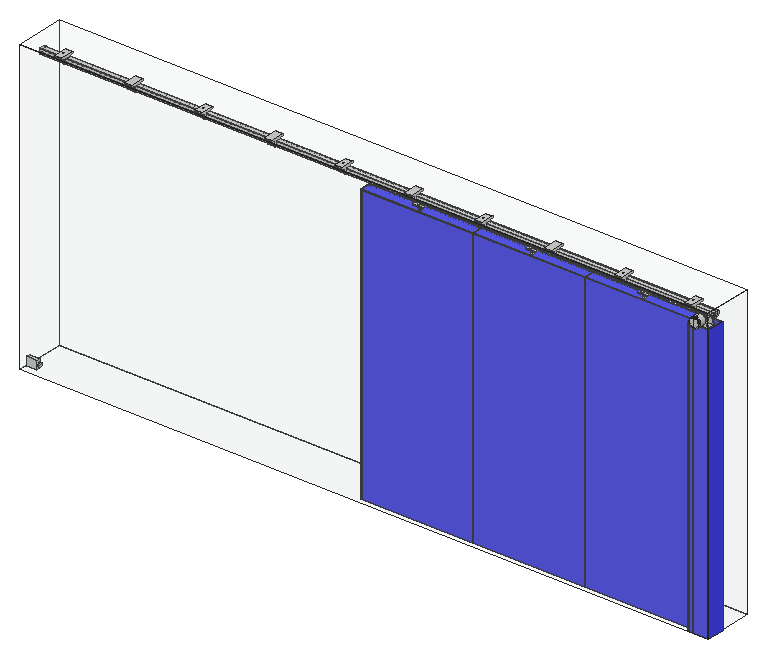
Revit family "Somati-System_SGS_Horizontal-fire-sliding-door_9040_ceiling_EI120_W-to-H-less-or-equal-1,3", category Doors, host Wall, Revit 2018
Family settings
  Host = Wall
  OmniClass Number = 23.30.10.00
  OmniClass Title = Doors
  Always vertical = Yes
  Cut with Voids When Loaded = No
  Shared = No
  Room Calculation Point = No
Parameters (values of type "EI 120")
  Youtube clip = "https://www.youtube.com/watch?v=pRjbxBvixFY&feature=emb_logo"
  Wing top offset [instance] = 133 mm  # constant formula
  Wing thickness = 81.2 mm
  Wing access (D) [instance] = [Width (W)] + 200 mm  # 3200 mm
  Width (W) [instance] = 3000 mm
  Weight Net (Kg) = "0"
  Uniformat II Description = ""
  Uniformat II Code = ""
  Uniclass 2015 Name = ""
  Uniclass 2015 Code = ""
  Uniclass 2.0 Description = ""
  Uniclass 2.0 Code = ""
  Uniclass 1.4 Description = ""
  Uniclass 1.4 Code = ""
  UNSPSC Code = ""
  Total height (Z) [instance] = Height Control + 270 mm  # 2770 mm
  Thickness = 0 mm
  Technical description = "https://somati-system.pl/en/download/sgs-download-en/"
  Region South America = "None"
  Region Oceania = "None"
  Region North America = "None"
  Region Middle East = "None"
  Region Europe = "AD, AL, AT, AX, BA, BE, BG, BY, CH, CY, CZ, DE, DK, EE, ES, FI, FO, FR, GB, GG, GI, GR, HR, HU, IE, IM, IS, IT, JE, LI, LT, LU, LV, MC, MD, ME, MK, MT, NL, NO, PL, PT, RO, RS, RU, SE, SI, SJ, SK, SM, UA, VA"
  Region Asia = "None"
  Region Antarctica = "None"
  Region Africa = "None"
  Rail and assembly materials [instance] = Somati - Stainless Steel - 7035
  QR code = "http://bimobject.com/somati-system/product/SGS_HORIZONTAL_FIRE_SLIDING_DOOR"
  Product url = "https://somati-system.pl/en/products/sgs-horizontal-fire-sliding-doors/"
  Product group = "SGS"
  Product family = "SGS"
  Product data url = "https://bimobject.com/somati-system/product/SGS_HORIZONTAL_FIRE_SLIDING_DOOR"
  Product certification = ""
  Product SKU = "SGS_HORIZONTAL_FIRE_SLIDING_DOOR"
  Product Guid = "8235eb12-0acf-4b60-9ca9-7613396e8d01"
  Power supply of control panel = "230V/50Hz/6A"  # constant formula
  Panel width [instance] = ([Width (W)] + 196 mm) / Number of panels in wing  # 1065.333 mm
  Panel material = Somati - Stainless Steel - Custom
  Panel height [instance] = Height Control + Wing top offset  # 2633 mm
  OmniClass Description = ""
  OmniClass Code = ""
  Offset Right [instance] = [Counterweight housing (A2)]  # 210 mm
  Offset Left [instance] = 0 mm
  Number of panels in wing [instance] = roundup([Width (W)] / 1000 mm)  # 3
  Number of hangers [instance] = ([Guide rail length (K)] - 210 mm) / 600 mm  # 10
  Nominal width = 0 mm
  Nominal height = 0 mm
  NBS Reference Description = ""
  NBS Reference Code = ""
  Model = "SGS"  # constant formula
  Max number of opening cycles = 50000  # constant formula
  Material secondary = "Composite"
  Material main = "Steel"
  Masterformat 2014 Description = ""
  Masterformat 2014 Code = ""
  Manufacturer name = "Somati System"
  Manufacturer country = "Poland"
  Manufacturer = "Somati System"  # constant formula
  Installation instructions = ""
  IFC Classification = ""
  Height Control [instance] = if([Height (H)] > 3500 mm, 3500 mm, [Height (H)])  # 2500 mm
  Height (H) [instance] = 2500 mm
  Guide rail lower edge (B1) [instance] = Height Control + 160 mm  # 2660 mm
  Guide rail length (K) [instance] = [Wing access (D)] + [Width (W)] + [Counterweight housing (A2)]  # 6410 mm
  Gate Control type = "Electromagnetic brake"  # constant formula
  GTIN code = ""
  Function = Interior
  Height = 2000 mm
  Wall Closure = By host
  Width = 1000 mm
  Fire resistance = "EI 60, EI 120 n"  # constant formula
  Edition number = 1
  Design country = "Poland"
  Date of publishing = ""
  Counterweight housing (A2) [instance] = if([Width (W)] / Height Control > 1.3, 360 mm, 210 mm)  # 210 mm
  Console mounting axis (B2) [instance] = if(Height Control > 3500 mm, Height Control + 239 mm, Height Control + 179 mm)  # 2679 mm
  Clearance Area Visibility [instance] = yes
  COBIe Type Category = ""
  Buffer (A1) [instance] = [Wing access (D)] + 130 mm  # 3330 mm
  Brand url = ""
  BIMobject main category code = "doors"
  BIMobject main category = "Doors"
  BIMobject category code = "doors-fire"
  BIMobject category = "Fire Doors & Shutters"
  Available surface fnish = "Galvanized Stainless Steel PVC, MDF, HDF, laminate or veneer, STANDARD RAL 7035, 9002, 9006, 9010, and powder coating of whole RAL pallet"  # constant formula
Reference planes
  plane 1: y = 0
  plane 2 "Center (Left/Right)": x = 0
  plane 3 "Left": x = -1500
  plane 4 "Right": x = 1500
  plane 5 "Cutout height": z = 2500
  plane 6 "Exterior": y = 150
  plane 7 "Interior": y = -150
  plane 8 "Consoles mounting axis": z = 2679
  plane 9 "Total height top": z = 2770
  plane 10 "Guide rail bottom": z = 2660
  plane 11 "Wing access": x = -4700
  plane 12 "Buffer placement": x = -4830
  plane 13 "Counterweight housing": x = 1710
  plane 14 "Handle": z = 1050
  plane 15 "Wing end left": x = -1636
  plane 16 "Wing end top": z = 2633
  plane 17 "Wing end right": x = 1560
  plane 18: y = -324
  plane 19 "Wing axis": y = -225.5
  plane 20: y = -75
  plane 21: y = -184.9
  plane 22: y = -266.1
  plane 23: x = -1638
  plane 24 "end of hangers": x = -4490
  plane 25: x = -1040
  plane 26: x = -1545
  plane 27: y = -291.1
  plane 28: y = -159.9
  plane 29: x = -6439.5
  plane 30: x = 1710
  plane 31: x = -6330
  plane 32: z = 2699
  plane 33: x = 1635
Forms (mm)
  Sweep 1, solid
    path origin (0, -150, 0) x (1, 0, 0) y (0, 0, 1)
      loop
        line (-1500, 0) -> (-1500, 2500) -> (1500, 2500)
    profile origin (-1500, -150, 1250) x (-1, 0, 0) y (0, -1, 0)
      loop
        line (5, 33) -> (5, 4)
        arc (5, 4) -> (6.172, 1.172) -> (9, 0) r 4
        line (9, 0) -> (97.785, 0)
        arc (97.785, 0) -> (100.613, 1.172) -> (101.785, 4) r 4
        line (101.785, 4) -> (101.785, 29)
        arc (101.785, 29) -> (102.37, 30.414) -> (103.785, 31) r 2
        line (103.785, 31) -> (124.785, 31) -> (124.785, 33) -> (5, 33)
  Sweep 2, solid, material "Somati - Stainless Steel - Custom" <- "Panel material"
    path origin (0, -150, 0) x (1, 0, 0) y (0, 0, 1)
      loop
        line (-1636, 2633) -> (-1636, 0)
    profile origin (-1636, -150, 1316.5) x (0, -1, 0) y (1, 0, 0)
      loop
        arc (18.1, 2) -> (19.272, -0.828) -> (22.1, -2) r 4
        line (22.1, -2) -> (114.1, -2)
        arc (114.1, -2) -> (116.928, -0.828) -> (118.1, 2) r 4
        line (118.1, 2) -> (118.1, 13) -> (116.1, 13) -> (116.1, 2)
        arc (116.1, 2) -> (115.514, 0.586) -> (114.1, 0) r 2
        line (114.1, 0) -> (22.1, 0)
        arc (22.1, 0) -> (20.686, 0.586) -> (20.1, 2) r 2
        line (20.1, 2) -> (20.1, 23) -> (18.1, 23) -> (18.1, 2)
  Sweep 3, solid, material "Somati - Stainless Steel - Custom" <- "Panel material"
    path origin (0, -150, 0) x (1, 0, 0) y (0, 0, 1)
      loop
        line (-1638, 2633) -> (1560, 2633)
    profile origin (-39, -150, 2633) x (0, 0, 1) y (0, -1, 0)
      loop
        line (-23, 19.5) -> (-23, 17.5) -> (-2, 17.5)
        arc (-2, 17.5) -> (0.828, 18.672) -> (2, 21.5) r 4
        line (2, 21.5) -> (2, 117.5) -> (0, 117.5) -> (0, 21.5)
        arc (0, 21.5) -> (-0.586, 20.086) -> (-2, 19.5) r 2
        line (-2, 19.5) -> (-23, 19.5)
  Sweep 4, solid, material "Somati - Stainless Steel - Custom" <- "Panel material"
    path origin (0, -150, 0) x (1, 0, 0) y (0, 0, 1)
      loop
        line (1710, 2633) -> (1710, 0)
    profile origin (1710, -150, 1316.5) x (0, -1, 0) y (1, 0, 0)
      loop
        line (161, -198) -> (161, 0) -> (0, 0) -> (0, -201) -> (33, -201) -> (33, -152) -> (124, -152) -> (124, -198) -> (161, -198)
      loop
        line (2, -150) -> (127, -150) -> (127, -195) -> (157, -195) -> (157, -3) -> (2, -3) -> (2, -150)
  Sweep 5, solid, material "Somati - Stainless Steel - 7035" <- "Rail and assembly materials"
    path origin (0, -150, -4.5) x (1, 0, 0) y (0, 0, 1)
      loop
        line (-4700, 2664.5) -> (1710, 2664.5)
    profile origin (-1495, -150, 2660) x (0, 0, 1) y (0, -1, 0)
      loop
        line (45, 85.481) -> (48, 85.481) -> (48, 92.751)
        arc (48, 92.751) -> (48.18, 93.314) -> (48.654, 93.668) r 0.97
        line (48.654, 93.668) -> (62.063, 98.286)
        arc (62.063, 98.286) -> (62.637, 98.432) -> (63.228, 98.481) r 3.578
        line (63.228, 98.481) -> (86.023, 98.481)
        arc (86.023, 98.481) -> (86.714, 98.195) -> (87, 97.504) r 0.977
        line (87, 97.504) -> (87, 53.496)
        arc (87, 53.496) -> (86.703, 52.778) -> (85.985, 52.481) r 1.015
        line (85.985, 52.481) -> (63.23, 52.481)
        arc (63.23, 52.481) -> (62.637, 52.53) -> (62.06, 52.677) r 3.593
        line (62.06, 52.677) -> (48.641, 57.298)
        arc (48.641, 57.298) -> (48.177, 57.645) -> (48, 58.198) r 0.951
        line (48, 58.198) -> (48, 65.481) -> (45, 65.481) -> (45, 56.09)
        arc (45, 56.09) -> (45.207, 55.481) -> (45.742, 55.124) r 1
        line (45.742, 55.124) -> (61.089, 49.838)
        arc (61.089, 49.838) -> (62, 49.571) -> (62.945, 49.481) r 5
        line (62.945, 49.481) -> (87, 49.481)
        arc (87, 49.481) -> (89.121, 50.36) -> (90, 52.481) r 3
        line (90, 52.481) -> (90, 98.481)
        arc (90, 98.481) -> (89.121, 100.602) -> (87, 101.481) r 3
        line (87, 101.481) -> (62.945, 101.481)
        arc (62.945, 101.481) -> (62, 101.391) -> (61.089, 101.123) r 5
        line (61.089, 101.123) -> (45.742, 95.838)
        arc (45.742, 95.838) -> (45.207, 95.481) -> (45, 94.872) r 1
        line (45, 94.872) -> (45, 85.481)
  Extrusion 6, solid, material "Clearance Areas", visible <- "Clearance Area Visibility"
    sketch origin (-2209.467, 358.585, 220.701) x (1, 0, 0) y (0, 0, -1)
      loop
        line (-2620.533, 220.701) -> (-2620.533, -2549.299) -> (3919.467, -2549.299) -> (3919.467, 220.701) -> (-2620.533, 220.701)
    from -682.585 to -208.585
  Sweep 7, solid, material "Somati - Stainless Steel - Custom" <- "Panel material"
    path origin (0, -150, 0) x (1, 0, 0) y (0, 0, 1)
      loop
        line (1500, 0) -> (1500, 2633)
    profile origin (1500, -150, 1316.5) x (-1, 0, 0) y (0, -1, 0)
      loop
        line (-9, 0) -> (-9, 33) -> (-58, 33) -> (-58, 124) -> (-12, 124) -> (-12, 161) -> (-60, 161) -> (-60, 0) -> (-9, 0)
Lines and regions (mm)
  Opening 1
    outline origin (-3050, -150, 0) x (1, 0, 0) y (0, 0, 1)
      loop
        line (1550, 0) -> (4550, 0) -> (4550, 2500) -> (1550, 2500) -> (1550, 0)
Text (mm)
  text "Exterior" at (-2295.016, 1099.543, 0), in view "Ref. Level"
  text "Exterior" at (0, 1615.38, 3698.081), in view "Left"
  text "Exterior" at (0, 1036.032, 3874.932), in view "Right"
Dimensions and locks
  equal spacing: plane 3 "Left", plane 2 "Center (Left/Right)", plane 4 "Right"
  "Width (W)": plane 3 "Left" to plane 4 "Right"
  "Height Control": plane 5 "Cutout height" to host wall
  host wall to plane 5 "Cutout height" = 2500 mm  (x2)
  locked: plane 6 "Exterior" to host wall at 0
  locked: plane 7 "Interior" to host wall
  "Total height (Z)": plane 9 "Total height top" to level
  "Console mounting axis (B2)": plane 8 "Consoles mounting axis" to level
  "Guide rail lower edge (B1)": plane 10 "Guide rail bottom" to level
  "Buffer (A1)": plane 12 "Buffer placement" to plane 3 "Left"
  "Counterweight housing (A2)": plane 4 "Right" to plane 13 "Counterweight housing"
  "Wing access (D)": plane 11 "Wing access" to plane 3 "Left"
  locked: plane 14 "Handle" to level at 1050
  equal spacing: plane 21, plane 19 "Wing axis", plane 22
  equal spacing: group 1, group 6, group 2  (x3)
  locked: plane 4 "Right" to plane 17 "Wing end right" at 60
  "Wing top offset": plane 16 "Wing end top" to plane 5 "Cutout height"
  locked: plane 23 to plane 15 "Wing end left" at 2
  locked: plane 24 "end of hangers" to plane 11 "Wing access" at 210
  equal spacing: group 4, group 13, group 12, group 11, group 10, group 9, group 8, group 7, group 5, group 3
  equal spacing: group 3, group 5, group 7, group 8, group 9, group 10, group 11, group 12, group 13, group 4  (x2)
  locked: plane 26 to plane 3 "Left" at 45
  locked: plane 28 to plane 21 at 25
  locked: plane 22 to plane 27 at 25
  locked: plane 15 "Wing end left" to plane 3 "Left" at 136
  locked: Sweep 4 to plane 19 "Wing axis" at 85.5
  locked: Sweep 4 sketch curve to Sweep 4 sketch curve at 3
  "Offset Right": plane 4 "Right" to plane 30
  locked: plane 32 to plane 16 "Wing end top" at 66
  equal spacing: plane 17 "Wing end right", plane 33, plane 30
  locked: plane 19 "Wing axis" to host wall at 75.5
  aligned and locked: plane 3 "Left" to Opening 1 sketch curve
  aligned and locked: plane 5 "Cutout height" to Opening 1 sketch curve  (x2)
  aligned and locked: Opening 1 sketch curve to plane 4 "Right"
  aligned and locked: Opening 1 sketch curve to level
  aligned and locked: host wall to plane 1
  aligned and locked: nested 1 to plane 19 "Wing axis"
  aligned and locked: plane 15 "Wing end left" to nested 1
  aligned and locked: plane 17 "Wing end right" to nested 2
  aligned and locked: Sweep 1 sketch curve to plane 3 "Left"
  aligned and locked: plane 3 "Left" to Sweep 1 sketch curve
  aligned and locked: plane 4 "Right" to Sweep 1 sketch curve
  aligned and locked: level to Sweep 1 sketch curve
  aligned and locked: Sweep 2 sketch curve to plane 15 "Wing end left"
  aligned and locked: plane 16 "Wing end top" to Sweep 2 sketch curve
  aligned and locked: level to Sweep 2 sketch curve
  aligned and locked: Sweep 3 sketch curve to plane 16 "Wing end top"
  aligned and locked: Sweep 3 sketch curve to plane 23
  aligned and locked: plane 16 "Wing end top" to Sweep 4 sketch curve
  aligned and locked: plane 17 "Wing end right" to Sweep 3 sketch curve
  aligned and locked: nested 3 to plane 9 "Total height top"
  aligned and locked: plane 19 "Wing axis" to nested 3
  aligned and locked: plane 4 "Right" to nested 3
  aligned and locked: nested 4 to plane 24 "end of hangers"
  aligned and locked: nested 4 to plane 9 "Total height top"
  aligned and locked: plane 6 "Exterior" to Extrusion 6
  aligned and locked: plane 13 "Counterweight housing" to Extrusion 6
  aligned and locked: Extrusion 6 to plane 12 "Buffer placement"
  aligned and locked: Extrusion 6 to plane 18
  aligned and locked: plane 9 "Total height top" to Extrusion 6
  aligned and locked: nested 2 to plane 19 "Wing axis"
  aligned and locked: plane 19 "Wing axis" to nested 4
  aligned and locked: plane 22 to Sweep 2
  aligned and locked: profile plane to Sweep 4 sketch curve
  aligned and locked: plane 17 "Wing end right" to Sweep 4 sketch curve
  aligned and locked: nested 6 to plane 19 "Wing axis"
  aligned and locked: Sweep 7 sketch curve to plane 4 "Right"
  aligned and locked: plane 16 "Wing end top" to Sweep 7 sketch curve
  aligned and locked: plane 30 to Sweep 5 sketch curve
  aligned and locked: Sweep 5 sketch curve to plane 10 "Guide rail bottom"
  aligned and locked: plane 11 "Wing access" to Sweep 5 sketch curve
  aligned and locked: nested 6 to plane 12 "Buffer placement"
  aligned and locked: plane 5 "Cutout height" to Sweep 1 sketch curve
  aligned and locked: nested 15 to plane 32
  aligned and locked: nested 15 to plane 19 "Wing axis"
  aligned and locked: plane 33 to nested 15
Automatic sketch dimensions
  Sweep 2 sketch curve to Sweep 2 sketch curve = 0 mm  (x4)
  Sweep 2 sketch curve to profile plane = 0 mm
  Sweep 2 sketch curve to profile plane = 2 mm  (x2)
  plane 7 "Interior" to Sweep 2 sketch curve = 18.1 mm
  Sweep 2 sketch curve to Sweep 2 sketch curve = 2 mm
  Sweep 2 sketch curve to Sweep 2 sketch curve = 92 mm
  Sweep 2 sketch curve to Sweep 2 sketch curve = 11 mm
  Sweep 2 sketch curve to Sweep 2 sketch curve = 21 mm
  Sweep 3 sketch curve to Sweep 3 sketch curve = 0 mm  (x2)
  profile plane to Sweep 3 sketch curve = 0 mm
  profile plane to Sweep 3 sketch curve = 2 mm
  Sweep 3 sketch curve to Sweep 3 sketch curve = 21 mm
  Sweep 3 sketch curve to Sweep 3 sketch curve = 2 mm
  plane 7 "Interior" to Sweep 3 sketch curve = 17.5 mm
  Sweep 3 sketch curve to Sweep 3 sketch curve = 96 mm
  Sweep 4 sketch curve to level = 0 mm
  Sweep 4 sketch curve to plane 13 "Counterweight housing" = 0 mm
  plane 7 "Interior" to Sweep 4 sketch curve = 0 mm
  plane 7 "Interior" to Sweep 4 sketch curve = 2 mm
  Sweep 4 sketch curve to Sweep 4 sketch curve = 31 mm
  Sweep 4 sketch curve to Sweep 4 sketch curve = 91 mm
  Sweep 4 sketch curve to Sweep 4 sketch curve = 3 mm  (x2)
  Sweep 4 sketch curve to Sweep 4 sketch curve = 30 mm
  Sweep 4 sketch curve to Sweep 4 sketch curve = 4 mm
  Sweep 4 sketch curve to Sweep 4 sketch curve = 2 mm
  Sweep 4 sketch curve to Sweep 4 sketch curve = 45 mm
  Sweep 4 sketch curve to Sweep 4 sketch curve = 49 mm
  Extrusion 6 sketch curve to plane 9 "Total height top" = 0 mm
  Extrusion 6 sketch curve to plane 12 "Buffer placement" = 0 mm
  Extrusion 6 sketch curve to plane 13 "Counterweight housing" = 0 mm
  Extrusion 6 sketch curve to level = 0 mm
  Sweep 7 sketch curve to plane 14 "Handle" = 1050 mm
  plane 7 "Interior" to Sweep 7 sketch curve = 0 mm
  profile plane to Sweep 7 sketch curve = 60 mm
  Sweep 7 sketch curve to Sweep 7 sketch curve = 2 mm
  profile plane to Sweep 7 sketch curve = 12 mm
  profile plane to Sweep 7 sketch curve = 9 mm
  plane 7 "Interior" to Sweep 7 sketch curve = 33 mm
  Sweep 7 sketch curve to Sweep 7 sketch curve = 91 mm
  Sweep 7 sketch curve to Sweep 7 sketch curve = 37 mm
  Sweep 5 sketch curve to profile plane = 45 mm  (x2)
  Sweep 5 sketch curve to Sweep 5 sketch curve = 0.742 mm  (x2)
  Sweep 5 sketch curve to Sweep 5 sketch curve = 1 mm  (x2)
  Sweep 5 sketch curve to Sweep 5 sketch curve = 3 mm  (x3)
  Sweep 5 sketch curve to Sweep 5 sketch curve = 0.641 mm
  Sweep 5 sketch curve to Sweep 5 sketch curve = 0.654 mm
  Sweep 5 sketch curve to Sweep 5 sketch curve = 0.951 mm
  Sweep 5 sketch curve to Sweep 5 sketch curve = 0.97 mm
  Sweep 5 sketch curve to Sweep 5 sketch curve = 12.435 mm
  Sweep 5 sketch curve to Sweep 5 sketch curve = 12.447 mm
  Sweep 5 sketch curve to Sweep 5 sketch curve = 0.972 mm
  Sweep 5 sketch curve to Sweep 5 sketch curve = 0.974 mm
  Sweep 5 sketch curve to Sweep 5 sketch curve = 1.857 mm
  Sweep 5 sketch curve to Sweep 5 sketch curve = 0.885 mm
  Sweep 5 sketch curve to Sweep 5 sketch curve = 0.282 mm
  Sweep 5 sketch curve to Sweep 5 sketch curve = 1.17 mm
  Sweep 5 sketch curve to Sweep 5 sketch curve = 22.755 mm
  Sweep 5 sketch curve to Sweep 5 sketch curve = 22.795 mm
  Sweep 5 sketch curve to Sweep 5 sketch curve = 1.015 mm  (x2)
  Sweep 5 sketch curve to Sweep 5 sketch curve = 0 mm
  plane 7 "Interior" to Sweep 5 sketch curve = 49.481 mm
  Sweep 5 sketch curve to Sweep 5 sketch curve = 0.357 mm
  Sweep 5 sketch curve to Sweep 5 sketch curve = 2 mm
  Sweep 5 sketch curve to Sweep 5 sketch curve = 0.196 mm
  Sweep 5 sketch curve to Sweep 5 sketch curve = 5.286 mm
  Sweep 5 sketch curve to Sweep 5 sketch curve = 1.208 mm
  Sweep 5 sketch curve to Sweep 5 sketch curve = 7.283 mm
  Sweep 5 sketch curve to Sweep 5 sketch curve = 20 mm
  Sweep 5 sketch curve to Sweep 5 sketch curve = 7.27 mm
  Sweep 5 sketch curve to Sweep 5 sketch curve = 2.121 mm
  Sweep 5 sketch curve to Sweep 5 sketch curve = 2.152 mm
  Sweep 5 sketch curve to Sweep 5 sketch curve = 1.578 mm
  Sweep 5 sketch curve to Sweep 5 sketch curve = 2.601 mm
  Sweep 5 sketch curve to Sweep 5 sketch curve = 0.977 mm
  plane 7 "Interior" to Sweep 1 sketch curve = 0 mm
  Sweep 1 sketch curve to profile plane = 5 mm
  Sweep 1 sketch curve to Sweep 1 sketch curve = 4 mm
  plane 7 "Interior" to Sweep 1 sketch curve = 4 mm
  Sweep 1 sketch curve to Sweep 1 sketch curve = 88.785 mm
  Sweep 1 sketch curve to Sweep 1 sketch curve = 2 mm
  Sweep 1 sketch curve to Sweep 1 sketch curve = 21 mm
  Sweep 1 sketch curve to Sweep 1 sketch curve = 25 mm
  Sweep 1 sketch curve to Sweep 1 sketch curve = 29 mm
Nested families
  nested 1: "Family2" at (-1103.333, -225.5, 0), Material <- "Panel material", Width <- "Panel width", Thickness <- "Wing thickness", Height <- "Panel height", type "Family2"
    with Width 1065.333 mm, Thickness 81.2 mm, Material Somati - Stainless Steel - Custom, Height 2633 mm
  nested 2: "Family2" at (1027.333, -225.5, 0), Material <- "Panel material", Width <- "Panel width", Thickness <- "Wing thickness", Height <- "Panel height", type "Family2"
    with Width 1065.333 mm, Thickness 81.2 mm, Material Somati - Stainless Steel - Custom, Height 2633 mm
  nested 3: "Family3" at (1466, -225.5, 2770) x (0, 1, 0) z (1, 0, 0), type "Family3", detail levels medium+fine
  nested 4: "Family3" at (-4524, -225.5, 2770) x (0, 1, 0) z (1, 0, 0), type "Family3", detail levels medium+fine
  nested 5: "Family3" at (800.444, -225.5, 2770) x (0, 1, 0) z (1, 0, 0), type "Family3", detail levels medium+fine
  nested 6: "Stopper" at (-4780.037, -225.5, 0), type "Stopper", detail levels medium+fine
  nested 7: "Family2" at (-38, -225.5, 0), Material <- "Panel material", Width <- "Panel width", Thickness <- "Wing thickness", Height <- "Panel height", type "Family2"
    with Width 1065.333 mm, Thickness 81.2 mm, Material Somati - Stainless Steel - Custom, Height 2633 mm
  nested 8: "Family3" at (134.889, -225.5, 2770) x (0, 1, 0) z (1, 0, 0), type "Family3", detail levels medium+fine
  nested 9: "Family3" at (-530.667, -225.5, 2770) x (0, 1, 0) z (1, 0, 0), type "Family3", detail levels medium+fine
  nested 10: "Family3" at (-1196.222, -225.5, 2770) x (0, 1, 0) z (1, 0, 0), type "Family3", detail levels medium+fine
  nested 11: "Family3" at (-1861.778, -225.5, 2770) x (0, 1, 0) z (1, 0, 0), type "Family3", detail levels medium+fine
  nested 12: "Family3" at (-2527.333, -225.5, 2770) x (0, 1, 0) z (1, 0, 0), type "Family3", detail levels medium+fine
  nested 13: "Family3" at (-3192.889, -225.5, 2770) x (0, 1, 0) z (1, 0, 0), type "Family3", detail levels medium+fine
  nested 14: "Family3" at (-3858.444, -225.5, 2770) x (0, 1, 0) z (1, 0, 0), type "Family3", detail levels medium+fine
  nested 15: "brake" at (1635, -225.5, 2678.165) x (1, 0, 0) z (0, -1, 0), type "brake"
Definition of nested family "Family2"
  Parameters (values of type "Family2")
    Width [instance] = 349.761 mm
    Thickness [instance] = 117.742 mm
    Material [instance] = none
    Height [instance] = 398.765 mm
    Hardware material = none
  Reference planes
    plane 1 "Center (Front/Back)": y = 0
    plane 2: z = 0
    plane 3 "Center (Left/Right)": x = 0
    plane 4: x = -174.88
    plane 5: x = 174.88
    plane 6: y = 58.871
    plane 7: y = -58.871
    plane 8: z = 398.765
  Forms (mm)
    Extrusion 1, solid, material <- "Material"
      sketch origin (0, 0, 0) x (1, 0, 0) y (0, 1, 0)
        loop
          line (-174.88, -58.871) -> (174.88, -58.871) -> (174.88, 58.871) -> (-174.88, 58.871) -> (-174.88, -58.871)
      from 0 to 398.765
  Dimensions and locks
    equal spacing: plane 4, plane 3 "Center (Left/Right)", plane 5
    "Width": plane 4 to plane 5
    equal spacing: plane 6, plane 1 "Center (Front/Back)", plane 7
    "Thickness": plane 6 to plane 7
    "Height": plane 8 to plane 2
    aligned and locked: level to plane 2
    aligned and locked: plane 6 to Extrusion 1
    aligned and locked: Extrusion 1 to plane 7
    aligned and locked: Extrusion 1 to plane 4
    aligned and locked: plane 5 to Extrusion 1
    aligned and locked: plane 6 to Extrusion 1 sketch curve
    aligned and locked: Extrusion 1 sketch curve to plane 7
    aligned and locked: Extrusion 1 sketch curve to plane 4
    aligned and locked: plane 5 to Extrusion 1 sketch curve
    aligned and locked: plane 8 to Extrusion 1
    aligned and locked: plane 3 "Center (Left/Right)" to nested 1
    aligned and locked: plane 1 "Center (Front/Back)" to nested 1
    aligned and locked: nested 1 to plane 8
  Nested families
    nested 1: "Family1" at (0, 0, 491.765), type "Family1", detail levels medium+fine
  Definition of nested family "Family1"
    Parameters (values of type "Family1")
      Material = none
    Reference planes
      plane 1 "Center (Front/Back)": y = 0
      plane 2: z = 0
      plane 3 "Center (Left/Right)": x = 0
      plane 4: y = 1.5
      plane 5: y = -1.5
      plane 6: z = -93
    Forms (mm)
      Extrusion 1, solid, material <- "Material"
        sketch origin (0, 0, 0) x (0, 1, 0) y (0, 0, 1)
          loop
            line (11, -54) -> (-26.5, -54) -> (-26.5, -60) -> (11, -60)
            arc (11, -60) -> (16.303, -57.803) -> (18.5, -52.5) r 7.5
            line (18.5, -52.5) -> (18.5, -45.5)
            arc (18.5, -45.5) -> (16.303, -40.197) -> (11, -38) r 7.5
            line (11, -38) -> (9, -38)
            arc (9, -38) -> (4.757, -36.243) -> (3, -32) r 6
            line (3, -32) -> (3, 17.5) -> (-3, 17.5) -> (-3, -32)
            arc (-3, -32) -> (0.515, -40.485) -> (9, -44) r 12
            line (9, -44) -> (11, -44)
            arc (11, -44) -> (12.061, -44.439) -> (12.5, -45.5) r 1.5
            line (12.5, -45.5) -> (12.5, -52.5)
            arc (12.5, -52.5) -> (12.061, -53.561) -> (11, -54) r 1.5
        from -45 to 45
      Revolve 2, solid, material <- "Material"
        sketch origin (0, 0, 0) x (1, 0, 0) y (0, 0, 1)
          loop
            arc (8.25, -46) -> (4.244, -44.507) -> (0, -44) r 18.016
            line (0, -44) -> (0, -184) -> (6.5, -184) -> (8, -182.5) -> (8, -91) -> (10.125, -91)
            arc (10.125, -91) -> (11.933, -90.664) -> (13.5, -89.7) r 5.031
            line (13.5, -89.7) -> (13.5, -84.8)
            arc (13.5, -84.8) -> (12.037, -83.478) -> (10.125, -83) r 4.064
            line (10.125, -83) -> (8, -83) -> (8, -71) -> (10.125, -71)
            arc (10.125, -71) -> (11.933, -70.664) -> (13.5, -69.7) r 5.031
            line (13.5, -69.7) -> (13.5, -64.8)
            arc (13.5, -64.8) -> (12.037, -63.478) -> (10.125, -63) r 4.064
            line (10.125, -63) -> (15, -63) -> (15, -60) -> (8, -60) -> (8, -54) -> (16.5, -54) -> (16.5, -46)
            arc (16.5, -46) -> (12.375, -44) -> (8.25, -46) r 5.254
          axis (0, -44) -> (0, -184)
        angle from 0 to 360
      Extrusion 3, void
        sketch origin (0, 0, 0) x (1, 0, 0) y (0, 0, 1)
          loop
            line (45, -25) -> (45, 17.5) -> (-45, 17.5) -> (-45, -25)
            arc (-45, -25) -> (0, 15) -> (45, -25) r 45.312
        from -23 to 30.5
      Extrusion 4, solid, material <- "Material"
        sketch origin (0, 0, 0) x (1, 0, 0) y (0, 0, 1)
          loop
            circle (70, 0) r 17
        from -17 to -7
      Sweep 5, void
        path in 3D
          loop
            arc (87, 7, 0) -> (70, 7, -17) -> (53, 7, 0) r 17
            arc (53, 7, 0) -> (70, 7, 17) -> (87, 7, 0) r 17
        profile origin (70, 7, 17) x (0, 0, 1) y (0, -1, 0)
          loop
            line (-1.5, 0) -> (0, -1.5) -> (0.954, -0.546) -> (-0.546, 0.954) -> (-1.5, 0)
      Sweep 6, void
        path in 3D
          loop
            arc (87, 17, 0) -> (70, 17, -17) -> (53, 17, 0) r 17
            arc (53, 17, 0) -> (70, 17, 17) -> (87, 17, 0) r 17
        profile origin (70, 17, 17) x (0, 0, -1) y (0, 1, 0)
          loop
            line (1.5, 0) -> (0.546, 0.954) -> (-0.954, -0.546) -> (0, -1.5) -> (1.5, 0)
      Extrusion 7, solid, material <- "Material"
        sketch origin (0, 0, 0) x (1, 0, 0) y (0, 0, 1)
          loop
            circle (70, 0) r 9
        from -7 to -3
      Extrusion 8, solid, material <- "Material"
        sketch origin (0, 0, 0) x (1, 0, 0) y (0, 0, -1)
          loop
            circle (70, 0) r 17
        from -17 to -7
      Sweep 9, void
        path in 3D
          loop
            arc (53, -7, 0) -> (70, -7, -17) -> (87, -7, 0) r 17
            arc (87, -7, 0) -> (70, -7, 17) -> (53, -7, 0) r 17
        profile origin (70, -7, 17) x (0, 0, 1) y (0, 1, 0)
          loop
            line (-1.5, 0) -> (0, -1.5) -> (0.954, -0.546) -> (-0.546, 0.954) -> (-1.5, 0)
      Sweep 10, void
        path in 3D
          loop
            arc (87, -17, 0) -> (70, -17, -17) -> (53, -17, 0) r 17
            arc (53, -17, 0) -> (70, -17, 17) -> (87, -17, 0) r 17
        profile origin (70, -17, 17) x (0, 0, 1) y (0, -1, 0)
          loop
            line (-1.5, 0) -> (0, -1.5) -> (0.954, -0.546) -> (-0.546, 0.954) -> (-1.5, 0)
      Extrusion 11, solid, material <- "Material"
        sketch origin (0, 0, 0) x (1, 0, 0) y (0, 0, -1)
          loop
            circle (70, 0) r 9
        from -7 to -3
      Extrusion 12, solid, material <- "Material"
        sketch origin (0, 0, 0) x (-1, 0, 0) y (0, 0, -1)
          loop
            circle (70, 0) r 17
        from -17 to -7
      Sweep 13, void
        path in 3D
          loop
            arc (-53, 7, 0) -> (-70, 7, -17) -> (-87, 7, 0) r 17
            arc (-87, 7, 0) -> (-70, 7, 17) -> (-53, 7, 0) r 17
        profile origin (-70, 7, 17) x (0, 0, 1) y (0, -1, 0)
          loop
            line (-1.5, 0) -> (0, -1.5) -> (0.954, -0.546) -> (-0.546, 0.954) -> (-1.5, 0)
      Sweep 14, void
        path in 3D
          loop
            arc (-87, 17, 0) -> (-70, 17, -17) -> (-53, 17, 0) r 17
            arc (-53, 17, 0) -> (-70, 17, 17) -> (-87, 17, 0) r 17
        profile origin (-70, 17, 17) x (0, 0, 1) y (0, 1, 0)
          loop
            line (-1.5, 0) -> (0, -1.5) -> (0.954, -0.546) -> (-0.546, 0.954) -> (-1.5, 0)
      Extrusion 15, solid, material <- "Material"
        sketch origin (0, 0, 0) x (-1, 0, 0) y (0, 0, -1)
          loop
            circle (70, 0) r 9
        from -7 to -1.5
      Extrusion 16, solid, material <- "Material"
        sketch origin (0, 0, 0) x (-1, 0, 0) y (0, 0, 1)
          loop
            circle (70, 0) r 17
        from -17 to -7
      Sweep 17, void
        path in 3D
          loop
            arc (-87, -7, 0) -> (-70, -7, -17) -> (-53, -7, 0) r 17
            arc (-53, -7, 0) -> (-70, -7, 17) -> (-87, -7, 0) r 17
        profile origin (-70, -7, 17) x (0, 0, 1) y (0, 1, 0)
          loop
            line (-1.5, 0) -> (0, -1.5) -> (0.954, -0.546) -> (-0.546, 0.954) -> (-1.5, 0)
      Sweep 18, void
        path in 3D
          loop
            arc (-87, -17, 0) -> (-70, -17, -17) -> (-53, -17, 0) r 17
            arc (-53, -17, 0) -> (-70, -17, 17) -> (-87, -17, 0) r 17
        profile origin (-70, -17, 17) x (0, 0, -1) y (0, -1, 0)
          loop
            line (1.5, 0) -> (0.546, 0.954) -> (-0.954, -0.546) -> (0, -1.5) -> (1.5, 0)
      Extrusion 19, solid, material <- "Material"
        sketch origin (0, 0, 0) x (-1, 0, 0) y (0, 0, 1)
          loop
            circle (70, 0) r 9
        from -7 to -1.5
      Extrusion 20, solid, material <- "Material"
        sketch origin (0, 0, 0) x (1, 0, 0) y (0, 0, 1)
          loop
            line (87, 17.5) -> (-87, 17.5)
            arc (-87, 17.5) -> (-89.121, 16.621) -> (-90, 14.5) r 3
            line (-90, 14.5) -> (-90, -14.5)
            arc (-90, -14.5) -> (-89.121, -16.621) -> (-87, -17.5) r 3
            line (-87, -17.5) -> (-50, -17.5) -> (-50, -12.5) -> (-24.592, -12.5) -> (24.592, -12.5) -> (50, -12.5) -> (50, -17.5) -> (87, -17.5)
            arc (87, -17.5) -> (89.121, -16.621) -> (90, -14.5) r 3
            line (90, -14.5) -> (90, 14.5)
            arc (90, 14.5) -> (89.121, 16.621) -> (87, 17.5) r 3
        from -1.5 to 1.5
      Revolve 21, solid, material <- "Material"
        sketch origin (0, 0, 0) x (0, 1, 0) y (0, 0, 1)
          loop
            arc (-22.5, -52.2) -> (-24.522, -52.351) -> (-26.5, -52.8) r 13.633
            line (-26.5, -52.8) -> (-26.5, -54) -> (-22.5, -54) -> (-22.5, -52.2)
          axis (-22.5, -54) -> (-22.5, -52.2)
        angle from 0 to 360
    Cuts and joins
      Extrusion 3 cuts Extrusion 1
      Sweep 5, Sweep 6, Sweep 9, Sweep 10, Sweep 13, Sweep 14 cuts Extrusion 4
      Sweep 9, Sweep 10, Sweep 17, Sweep 18 cuts Extrusion 8
      Sweep 13, Sweep 14 cuts Extrusion 12
      Sweep 17, Sweep 18 cuts Extrusion 16
    Lines and regions (mm)
      sketch lines
        curve 1: arc (53, 7, 0) -> (70, 7, 17) -> (87, 7, 0) r 17
        curve 2: arc (87, 7, 0) -> (70, 7, -17) -> (53, 7, 0) r 17
        curve 3: arc (53, 17, 0) -> (70, 17, 17) -> (87, 17, 0) r 17
        curve 4: arc (87, 17, 0) -> (70, 17, -17) -> (53, 17, 0) r 17
        curve 5: arc (87, -7, 0) -> (70, -7, 17) -> (53, -7, 0) r 17
        curve 6: arc (53, -7, 0) -> (70, -7, -17) -> (87, -7, 0) r 17
        curve 7: arc (53, -17, 0) -> (70, -17, 17) -> (87, -17, 0) r 17
        curve 8: arc (87, -17, 0) -> (70, -17, -17) -> (53, -17, 0) r 17
        curve 9: arc (-87, 7, 0) -> (-70, 7, 17) -> (-53, 7, 0) r 17
        curve 10: arc (-53, 7, 0) -> (-70, 7, -17) -> (-87, 7, 0) r 17
        curve 11: arc (-53, 17, 0) -> (-70, 17, 17) -> (-87, 17, 0) r 17
        curve 12: arc (-87, 17, 0) -> (-70, 17, -17) -> (-53, 17, 0) r 17
        curve 13: arc (-53, -7, 0) -> (-70, -7, 17) -> (-87, -7, 0) r 17
        curve 14: arc (-87, -7, 0) -> (-70, -7, -17) -> (-53, -7, 0) r 17
        curve 15: arc (-53, -17, 0) -> (-70, -17, 17) -> (-87, -17, 0) r 17
        curve 16: arc (-87, -17, 0) -> (-70, -17, -17) -> (-53, -17, 0) r 17
    Dimensions and locks
      aligned and locked: level to plane 2
Definition of nested family "Family3"
  Parameters (values of type "Family3")
    Material = none
    Default Elevation = 1219.2 mm
  Reference planes
    plane 1 "Center (Front/Back)": y = 0
    plane 2: z = 0
    plane 3 "Center (Left/Right)": x = 0
    plane 4: z = 34
    plane 5: y = -35.027
  Forms (mm)
    Extrusion 1, solid, material <- "Material"
      sketch origin (-42.203, -131.551, 0) x (1, 0, 0) y (0, 1, 0)
        loop
          line (107.203, 121.551) -> (107.203, 131.551) -> (-22.797, 131.551) -> (-22.797, 121.551) -> (-22.797, 116.051) -> (19.203, 116.051)
          arc (19.203, 116.051) -> (13.899, 113.854) -> (11.703, 108.551) r 7.5
          line (11.703, 108.551) -> (11.703, 84.496)
          arc (11.703, 84.496) -> (11.874, 82.7) -> (12.382, 80.969) r 9.5
          line (12.382, 80.969) -> (17.498, 66.134)
          arc (17.498, 66.134) -> (19.461, 63.19) -> (22.812, 62.051) r 5.5
          line (22.812, 62.051) -> (32.203, 62.051) -> (32.203, 66.551) -> (22.812, 66.551)
          arc (22.812, 66.551) -> (22.203, 66.758) -> (21.846, 67.293) r 1
          line (21.846, 67.293) -> (16.56, 82.64)
          arc (16.56, 82.64) -> (16.293, 83.551) -> (16.203, 84.496) r 5
          line (16.203, 84.496) -> (16.203, 108.551)
          arc (16.203, 108.551) -> (17.081, 110.672) -> (19.203, 111.551) r 3
          line (19.203, 111.551) -> (65.203, 111.551)
          arc (65.203, 111.551) -> (67.324, 110.672) -> (68.203, 108.551) r 3
          line (68.203, 108.551) -> (68.203, 84.496)
          arc (68.203, 84.496) -> (68.112, 83.551) -> (67.845, 82.64) r 5
          line (67.845, 82.64) -> (62.56, 67.293)
          arc (62.56, 67.293) -> (62.203, 66.758) -> (61.593, 66.551) r 1
          line (61.593, 66.551) -> (52.203, 66.551) -> (52.203, 62.051) -> (61.593, 62.051)
          arc (61.593, 62.051) -> (64.944, 63.19) -> (66.908, 66.134) r 5.5
          line (66.908, 66.134) -> (72.023, 80.969)
          arc (72.023, 80.969) -> (72.531, 82.7) -> (72.703, 84.496) r 9.5
          line (72.703, 84.496) -> (72.703, 108.551)
          arc (72.703, 108.551) -> (70.506, 113.854) -> (65.203, 116.051) r 7.5
          line (65.203, 116.051) -> (107.203, 116.051) -> (107.203, 121.551)
      from 0 to 68
  Dimensions and locks
    aligned and locked: level to plane 2
Definition of nested family "Stopper"
  Parameters (values of type "Stopper")
    Material = none
  Reference planes
    plane 1 "Center (Front/Back)": y = 0
    plane 2: z = 0
    plane 3 "Center (Left/Right)": x = 0
  Forms (mm)
    Extrusion 1, solid
      sketch origin (0, -69.316, 40.1) x (1, 0, 0) y (0, 1, 0)
        loop
          line (-49.963, 50.816) -> (50, 50.816) -> (50, 87.816) -> (-49.963, 87.816) -> (-49.963, 50.816)
      from -40 to 40
    Revolve 2, solid, material <- "Material"
      sketch origin (0, -18.5, 40.1) x (1, 0, 0) y (0, 1, 0)
        loop
          line (50, 36.9) -> (50, 18.5) -> (67.112, 18.5) -> (67.112, 36.9) -> (50, 36.9)
        axis (50, 18.5) -> (67.112, 18.5)
      angle from 0 to 360
  Dimensions and locks
    aligned and locked: level to plane 2
Definition of nested family "brake"
  Parameters (values of type "brake")
    Material = none
    Default Elevation = 1219.2 mm
  Reference planes
    plane 1 "Center (Front/Back)": y = 0
    plane 2: z = 0
    plane 3 "Center (Left/Right)": x = 0
    plane 4: z = 0
  Forms (mm)
    Revolve 1, solid, material <- "Material", detail levels medium+fine
      sketch origin (-1.83, 20.835, 169) x (0, 1, 0) y (0, 0, -1)
        loop
          line (0, 113.55) -> (0, 0) -> (43.75, 0)
          arc (43.75, 0) -> (44.457, 0.293) -> (44.75, 1) r 1
          line (44.75, 1) -> (44.75, 14.373) -> (47.25, 17.352) -> (47.25, 76) -> (45.25, 78) -> (47.5, 78) -> (47.5, 81) -> (21.5, 81) -> (21.5, 89.5)
          arc (21.5, 89.5) -> (21.207, 90.207) -> (20.5, 90.5) r 1
          line (20.5, 90.5) -> (12.5, 90.5) -> (12.5, 93.55) -> (23, 93.55) -> (23, 95.3) -> (48, 95.3) -> (48, 97.8) -> (43.067, 101.346) -> (48, 104.8) -> (48, 107.3) -> (23, 107.3) -> (23, 109.05) -> (12, 109.05) -> (12, 110.55) -> (6, 110.55) -> (6, 112.55) -> (5, 113.55) -> (0, 113.55)
        axis (0, 113.55) -> (0, 0)
      angle from 0 to 360
    Revolve 2, solid, material <- "Material", detail levels medium+fine
      sketch origin (-49.158, 19.721, 169) x (0, 1, 0) y (0, 0, -1)
        loop
          line (-40, 180) -> (-40, 139.5) -> (-30.5, 139.5) -> (-29.03, 140.349) -> (-29.03, 147.5) -> (-26.5, 147.5) -> (-26.5, 150) -> (-33.5, 150) -> (-33.5, 153) -> (-28, 153) -> (-28, 155) -> (-12.5, 155) -> (-12.5, 157) -> (-16.068, 158.552)
          arc (-16.068, 158.552) -> (-18, 161.5) -> (-16.068, 164.448) r 3.214
          line (-16.068, 164.448) -> (-12.5, 166) -> (-12.5, 168) -> (-28, 168) -> (-28, 170) -> (-30.5, 170) -> (-29.03, 170.849) -> (-29.03, 178) -> (-30.5, 178.849) -> (-33.899, 178.849) -> (-35.05, 180) -> (-40, 180)
        axis (-40, 180) -> (-40, 139.5)
      angle from 0 to 360
    Revolve 3, solid, material <- "Material", detail levels medium+fine
      sketch origin (53.17, 20.835, 169) x (0, 1, 0) y (0, 0, -1)
        loop
          line (-7.5, 169) -> (33, 169) -> (33, 173.95) -> (31.95, 175) -> (3, 175) -> (3, 182.5) -> (0.5, 182.5) -> (0.5, 179.97) -> (-6.651, 179.97) -> (-7.5, 178.5) -> (-7.5, 169)
        axis (-7.5, 169) -> (33, 169)
      angle from 0 to 360
    Extrusion 4, solid, material <- "Material"
      sketch origin (-1.83, 20.835, 169) x (0, 1, 0) y (0, 0, -1)
        loop
          arc (3, 154.5) -> (2.561, 153.439) -> (1.5, 153) r 1.5
          line (1.5, 153) -> (-56, 153)
          arc (-56, 153) -> (-58.121, 152.121) -> (-59, 150) r 3
          line (-59, 150) -> (-59, 81)
          arc (-59, 81) -> (-58.121, 78.879) -> (-56, 78) r 3
          line (-56, 78) -> (47.5, 78) -> (47.5, 81) -> (-56, 81) -> (-56, 150) -> (1.5, 150)
          arc (1.5, 150) -> (4.682, 151.318) -> (6, 154.5) r 4.5
          line (6, 154.5) -> (6, 187) -> (3, 187) -> (3, 154.5)
      from -70 to 70
    Revolve 5, solid, material <- "Material", detail levels medium+fine
      sketch origin (-56.83, 20.835, 169) x (0, 1, 0) y (0, 0, 1)
        loop
          line (-7.5, -169) -> (-7.5, -178.5) -> (-6.651, -179.97) -> (0.5, -179.97) -> (0.5, -182.5) -> (3, -182.5) -> (3, -175) -> (31.95, -175) -> (33, -173.95) -> (33, -169) -> (-7.5, -169)
        axis (-7.5, -169) -> (33, -169)
      angle from 0 to 360
    Extrusion 6, void
      sketch origin (-1.83, 68.335, 91) x (1, 0, 0) y (0, -1, 0)
        loop
          line (-69.695, 98.721) -> (-77.865, 98.721) -> (-77.865, -6.279) -> (79.695, -6.279) -> (79.695, 98.721) -> (69.695, 98.721) -> (44.608, 30.233)
          arc (44.608, 30.233) -> (0, -0.933) -> (-44.608, 30.233) r 47.506
          line (-44.608, 30.233) -> (-69.695, 98.721)
      from 0 to 75
    Extrusion 7, solid, material <- "Material", detail levels coarse
      sketch origin (0, 0, 0) x (1, 0, 0) y (0, 1, 0)
        loop
          circle (-1.83, 20.835) r 48
      from 61.7 to 170.45
    Extrusion 8, solid, material <- "Material", detail levels coarse
      sketch origin (0, 0, 0) x (1, 0, 0) y (0, 1, 0)
        loop
          circle (-49.158, -20.279) r 27.5
      from 0 to 14
  Cuts and joins
    Extrusion 6 cuts Revolve 3
    Extrusion 6 cuts Revolve 5
    Extrusion 6 cuts Extrusion 4
  Lines and regions (mm)
    reference lines
      curve 1: line (0, 53.835, 0) -> (0, -57.961, 0)
      curve 2: line (0, 20.835, 55.45) -> (0, 20.835, 170.45)
  Dimensions and locks
    aligned and locked: level to plane 2
